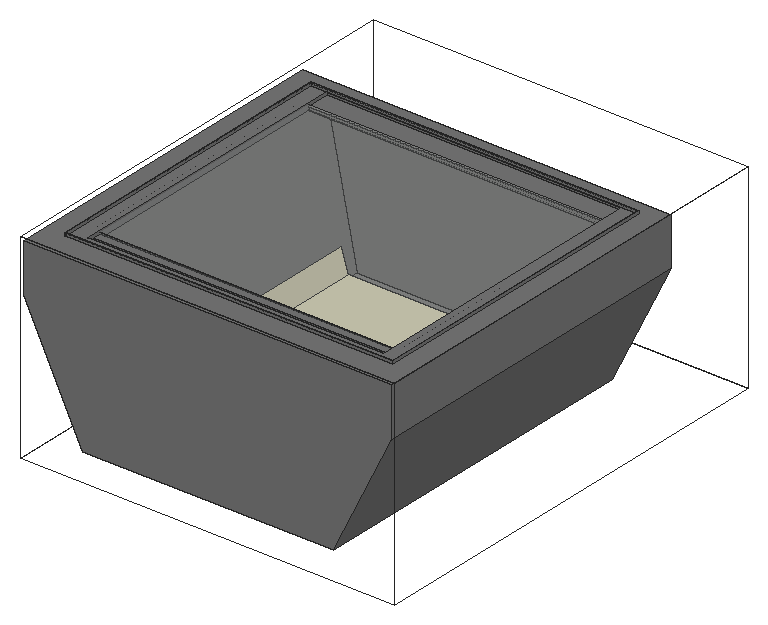
Revit family "Fireplace-Gas-Regency-Grandview_800EC", category Mechanical Equipment, host Face, Revit 2026
Family settings
  Host = Face
  Round Connector Dimension = Use Diameter
  Part Type = Normal
  Classification Number = 23.40.20.34.14
  Cut with Voids When Loaded = Yes
  Maintain Annotation Orientation = No
  Shared = No
  Room Calculation Point = No
Parameters (values of type "Clean Front - LP")
  Width = 2' - 11 7/8"  # constant formula
  Warranty URL = "https://www.regency-fire.com/en/Customer-Care/Lifetime-Warranty"
  Voltage = 0 V
  Video Link = "https://www.youtube.com/channel/UCN9QYb9SE_CXhxG_SYRAdrw"
  Version = "2018 - v1.0a"  # constant formula
  Venting Note [instance] = "Unit can be installed either top vent or rear vent"  # constant formula
  Vent Type [instance] = "Direct Vent"  # constant formula
  URL = "https://www.regency-fire.com/en/default.aspx"
  Support Phone = "(224) 699-9545"  # constant formula
  Support Email = "mailto:support@anguleris.com"
  Supply Air Connection Diameter = 6 5/8"  # constant formula
  Room Size = "Medium"  # constant formula
  Product Size = "Medium"  # constant formula
  Product Page URL = "https://www.regency-fire.com/en/Products/Gas/Traditional-Gas-Fireplaces/G800EC"
  Product Name = "Regency® Grandview™ G800EC Gas Fireplace"  # constant formula
  Product Documentation Link = "https://assets.regency-fire.com/getattachment/a1508370-155b-498d-9b31-6fe43e8f6947/G800EC-English-Manual.aspx"
  Power Factor = 0
  Phase = 1
  Performance URL = "https://www.regency-fire.com/en/Professionals/Specification-Matrices"
  Inner Panel Finish [instance] = Brick - Panel - Regency - Traditional
  Number of Poles = 1
  Inner - Metallic Black Non-Reflective [instance] = no
  Inner - Enamel Black Reflective [instance] = no
  Inner - Brick Volcanic Black [instance] = no
  Inner - Brick Grey Castlestone [instance] = no
  Frequency = 0 Hz
  Fire Bed Options [instance] = if(and([Fire Bed - Birch Ceramic Log Set], [Fire Bed - Black Coal Crushed Glass]), "Please Select ONE Option", if(and([Fire Bed - Birch Ceramic Log Set], [Fire Bed - Ginger Crushed Glass]), "Please Select ONE Option", if(and([Fire Bed - Birch Ceramic Log Set], [Fire Bed - Iceberg Crushed Glass]), "Please Select ONE Option", if(and([Fire Bed - Birch Ceramic Log Set], [Fire Bed - Oak Ceramic Log Set]), "Please Select ONE Option", if(and([Fire Bed - Black Coal Crushed Glass], [Fire Bed - Ginger Crushed Glass]), "Please Select ONE Option", if(and([Fire Bed - Black Coal Crushed Glass], [Fire Bed - Iceberg Crushed Glass]), "Please Select ONE Option", if(and([Fire Bed - Black Coal Crushed Glass], [Fire Bed - Oak Ceramic Log Set]), "Please Select ONE Option", if(and([Fire Bed - Ginger Crushed Glass], [Fire Bed - Iceberg Crushed Glass]), "Please Select ONE Option", if(and([Fire Bed - Ginger Crushed Glass], [Fire Bed - Oak Ceramic Log Set]), "Please Select ONE Option", if(and([Fire Bed - Iceberg Crushed Glass], [Fire Bed - Oak Ceramic Log Set]), "Please Select ONE Option", if([Fire Bed - Birch Ceramic Log Set], "Birch Ceramic Log Set", if([Fire Bed - Black Coal Crushed Glass], "Black Coal Crushed Glass", if([Fire Bed - Ginger Crushed Glass], "Ginger Crushed Glass", if([Fire Bed - Iceberg Crushed Glass], "Iceberg Crushed Glass", if([Fire Bed - Oak Ceramic Log Set], "Oak Ceramic Log Set", "Please Select Fire Bed Option - REQUIRED")))))))))))))))  # "Please Select Fire Bed Option - REQUIRED"
  Fire Bed - Oak Ceramic Log Set [instance] = no
  Fire Bed - Iceberg Crushed Glass [instance] = no
  Fire Bed - Ginger Crushed Glass [instance] = no
  Fire Bed - Black Coal Crushed Glass [instance] = no
  Fire Bed - Birch Ceramic Log Set [instance] = no
  Finish Note [instance] = "Please select Finish for Panel and Face Plate once selection is made for rendering purposes"  # constant formula
  Face Plate Finish [instance] = Metal - Regency - Brushed Nickel
  Face Plate [instance] = no
  Clearances Note [instance] = "This unit has clearances to combustibles please refer to the manual to observe all clearances to combustible material."  # constant formula
  CC Width [instance] = if(or(Constraints = 2, Constraints = 22), 2' 4 3/4", 2' 7 7/8")  # 2' - 4 3/4"
  CC Height [instance] = if(or(Constraints = 2, Constraints = 22), 2' 2 3/4", 2' 5 7/8")  # 2' - 2 3/4"
  C Opening Width = 3' - 5"  # constant formula
  C Opening Height = 2' - 7 9/16"  # constant formula
  Glass Viewing Width = 3' - 0"  # constant formula
  Glass Viewing Height = 2' - 10"  # constant formula
  Front Inset [instance] = 0' - 0"
  Model = if(or(Constraints = 2, Constraints = 1, Constraints = 3), "G800EC-LP", "G800EC-NG")  # "G800EC-LP"
  Minimum BTU = if(or(Constraints = 2, Constraints = 1, Constraints = 3), 21000.0 Btu/h, 15000.0 Btu/h)  # 21000.0 Btu/h
  Maximum BTU = if(or(Constraints = 2, Constraints = 1, Constraints = 3), 25500.0 Btu/h, 27000.0 Btu/h)  # 25500.0 Btu/h
  Material = "Painted Stainless Steel"  # constant formula
  Manufacturer Phone Number = "604-946-5155"  # constant formula
  Manufacturer Fax Number = "604-946-4349"  # constant formula
  Manufacturer Email = "mailto:prohelp@regency-fire.com"
  Manufacturer Address = "6988 Venture Street, Delta British Columbia, Canada V4G 1H4"  # constant formula
  Manufacturer = "Regency Fireplace Products"  # constant formula
  Keynote = "10300"
  Installation and Service URL = "https://www.regency-fire.com/en/Customer-Care/Fireplace-Care-Videos"
  Inner - Brick Rustic Brown Standard [instance] = no
  Inner - Brick Rustic Brown Herringbone [instance] = no
  Inner Panels [instance] = if(and([Inner - Brick Rustic Brown Herringbone], [Inner - Brick Rustic Brown Standard]), "Please Select ONE Option", if(and([Inner - Brick Rustic Brown Herringbone], [Inner - Metallic Black Non-Reflective]), "Please Select ONE Option", if(and([Inner - Brick Rustic Brown Herringbone], [Inner - Enamel Black Reflective]), "Please Select ONE Option", if(and([Inner - Brick Rustic Brown Herringbone], [Inner - Brick Volcanic Black]), "Please Select ONE Option", if(and([Inner - Brick Rustic Brown Herringbone], [Inner - Brick Grey Castlestone]), "Please Select ONE Option", if(and([Inner - Brick Rustic Brown Standard], [Inner - Metallic Black Non-Reflective]), "Please Select ONE Option", if(and([Inner - Brick Rustic Brown Standard], [Inner - Enamel Black Reflective]), "Please Select ONE Option", if(and([Inner - Brick Rustic Brown Standard], [Inner - Brick Volcanic Black]), "Please Select ONE Option", if(and([Inner - Brick Rustic Brown Standard], [Inner - Brick Grey Castlestone]), "Please Select ONE Option", if(and([Inner - Metallic Black Non-Reflective], [Inner - Enamel Black Reflective]), "Please Select ONE Option", if(and([Inner - Metallic Black Non-Reflective], [Inner - Brick Volcanic Black]), "Please Select ONE Option", if(and([Inner - Metallic Black Non-Reflective], [Inner - Brick Grey Castlestone]), "Please Select ONE Option", if(and([Inner - Enamel Black Reflective], [Inner - Brick Volcanic Black]), "Please Select ONE Option", if(and([Inner - Enamel Black Reflective], [Inner - Brick Grey Castlestone]), "Please Select ONE Option", if(and([Inner - Brick Volcanic Black], [Inner - Brick Grey Castlestone]), "Please Select ONE Option", if([Inner - Brick Rustic Brown Herringbone], "Brick Panel – Rustic Brown Herringbone", if([Inner - Brick Rustic Brown Standard], "Brick Panel – Rustic Brown Standard", if([Inner - Metallic Black Non-Reflective], "Metallic Black Non-Reflective Panels", if([Inner - Enamel Black Reflective], "Enamel Black Reflective Panels", if([Inner - Brick Volcanic Black], "Brick Panel – Grey Castlestone", if([Inner - Brick Grey Castlestone], "Brick Panel – Volcanic Black", "Please Select Fire Bed Option - REQUIRED")))))))))))))))))))))  # "Please Select Fire Bed Option - REQUIRED"
  Height = 3' - 0 3/8"  # constant formula
  Framing Width [instance] = if(or(Constraints = 1, Constraints = 11), 3' 1 1/2", 3' 0 1/2")  # 3' - 0 1/2"
  Framing Note [instance] = "Important: Framing height requires consideration of the hearth depth. Dimension N = N + the thickness of the installed hearth."  # constant formula
  Framing Height [instance] = 3' - 7"  # constant formula
  Framing Depth [instance] = if(or(Constraints = 2, Constraints = 22), 1' 4 7/8", 1' 7 1/4")  # 1' - 4 7/8"
  Framing Clearance Visibility [instance] = yes
  Finish = Metal - Regency - Steel - Paint, Black Metallic
  Exhaust Air Connection Diameter = 4"  # constant formula
  EnerGuide Rating = if(or(Constraints = 2, Constraints = 1, Constraints = 3), "57.74%", "53.58%")  # "57.74%"
  Efficiency = if(or(Constraints = 2, Constraints = 1, Constraints = 3), "68.16%", "65.20%")  # "68.16%"
  Description = "G800EC Gas Fireplace"  # constant formula
  Depth = 1' - 6 7/8"  # constant formula
  Default Elevation = 0' - 0"
  Copyright = "© 2020 FPI Fireplace Products International Ltd. All rights reserved."  # constant formula
  Constraints = 2
  C Offset [instance] = if(Front Inset < 0' 0 1/2", 0' 0 1/2", if(Front Inset > 0' 5 1/8", 0' 5 1/8", Front Inset + 0' 0 1/2"))  # 0' - 0 1/2"
  C Framing Clearance - 3.5 Inset [instance] = if(not(Framing Clearance Visibility), 1 = 0, if(C Offset < 0' 3 1/2", 1 = 1, 1 = 0))  # yes
  C Framing Clearance + 3.5" Inset [instance] = if(not(Framing Clearance Visibility), 1 = 0, 1 = 0)  # no
  C Face Plate [instance] = if(and(Face Plate, or(Constraints = 3, Constraints = 33)), 1 = 1, 1 = 0)  # no
  C Cool Wall [instance] = if(and(Framing Clearance Visibility, or(Constraints = 1, Constraints = 11)), 1 = 1, 1 = 0)  # no
  C Connector Depth = 1' - 7 1/2"  # constant formula
  Assembly Code = "D3020"
  Apparent Load = 0 VA
Types (7): name | CC Width | CC Height | Model | Minimum BTU | Maximum BTU | Framing Width | Framing Depth | EnerGuide Rating | Efficiency | Constraints | C Cool Wall
  (no name) | 2' - 4 3/4" | 2' - 2 3/4" | "G800EC-LP" | 21000.0 Btu/h | 25500.0 Btu/h | 3' - 0 1/2" | 1' - 4 7/8" | "57.74%" | "68.16%" | 2 | no
  Cool Wall - LP | 2' - 7 7/8" | 2' - 5 7/8" | "G800EC-LP" | 21000.0 Btu/h | 25500.0 Btu/h | 3' - 1 1/2" | 1' - 7 1/4" | "57.74%" | "68.16%" | 1 | yes
  Clean Front - LP | 2' - 4 3/4" | 2' - 2 3/4" | "G800EC-LP" | 21000.0 Btu/h | 25500.0 Btu/h | 3' - 0 1/2" | 1' - 4 7/8" | "57.74%" | "68.16%" | 2 | no
  Outside Finish - LP | 2' - 7 7/8" | 2' - 5 7/8" | "G800EC-LP" | 21000.0 Btu/h | 25500.0 Btu/h | 3' - 0 1/2" | 1' - 7 1/4" | "57.74%" | "68.16%" | 3 | no
  Cool Wall - NG | 2' - 7 7/8" | 2' - 5 7/8" | "G800EC-NG" | 15000.0 Btu/h | 27000.0 Btu/h | 3' - 1 1/2" | 1' - 7 1/4" | "53.58%" | "65.20%" | 11 | yes
  Clean Front - NG | 2' - 4 3/4" | 2' - 2 3/4" | "G800EC-NG" | 15000.0 Btu/h | 27000.0 Btu/h | 3' - 0 1/2" | 1' - 4 7/8" | "53.58%" | "65.20%" | 22 | no
  Outside Finish - NG | 2' - 7 7/8" | 2' - 5 7/8" | "G800EC-NG" | 15000.0 Btu/h | 27000.0 Btu/h | 3' - 0 1/2" | 1' - 7 1/4" | "53.58%" | "65.20%" | 33 | no
Reference planes (in)
  plane 1 "Center (Front/Back)": y = -4.9936
  plane 2: z = 0
  plane 3 "Center (Left/Right)": x = 0
  plane 4 "Left": x = -17.885
  plane 5 "Right": x = 17.885
  plane 6: y = 10.4439
  plane 7: y = -20.4311
  plane 8 "Back": z = -19.375
  plane 9 "OFFSET": z = -0.5
  plane 10: z = -16.65433
  plane 11: y = -22.0161
  plane 12: y = 11.89003
  plane 13: x = -11.72013
  plane 14: x = 11.72013
  plane 15 "Connector Vent": z = -20
  plane 16: x = -9.72014
  plane 17: x = 9.72014
  plane 18: z = -1.5272
  plane 19: y = -20.1411
  plane 20: x = 16.4375
  plane 21: z = -3.8125
  plane 22: z = -9.6875
  plane 23: z = -11.75
  plane 24: y = 6.87987
  plane 25: z = -7.5
  plane 26: x = -18.25
  plane 27: x = 18.25
  plane 28 "Vent": y = 21.9839
Forms (in)
  Extrusion 1, void
    sketch origin (0, 0, 0) x (0, 1, 0) y (0, 0, 1)
      loop
        line (11.89003, -16.65433) -> (11.89003, -0.5) -> (-22.0161, -0.5) -> (-22.0161, -16.65433) -> (11.89003, -16.65433)
    from -17.885 to 17.885
  Extrusion 2, void
    sketch origin (0, 0, 0) x (0, 1, 0) y (0, 0, 1)
      loop
        line (14.48183, -0.5) -> (-22.0161, -0.5) -> (-22.0161, -19.375) -> (14.48183, -19.375) -> (14.48183, -0.5)
    from -17.885 to 17.885
  Revolve 3, solid, material "Metal - Regency - Steel - Paint, Black Metallic"
    sketch origin (52.87642, 0, -11.75) x (1, 0, 0) y (0, 1, 0)
      loop
        line (-52.87642, 14.35887) -> (-54.76242, 14.35887) -> (-54.76242, 13.12445) -> (-56.26242, 13.12445) -> (-56.26242, 11.89003) -> (-52.87642, 11.89003) -> (-52.87642, 14.35887)
      axis (-52.87642, 14.35887) -> (-52.87642, 11.89003)
    angle from 0 to 360
  Extrusion 4, solid, material "Clearances - Regency", visible <- "Framing Clearance Visibility"
    sketch origin (-0.25398, 0.3337, 0) x (1, 0, 0) y (0, 1, 0)
      loop
        line (-17.99602, 20.6502) -> (-17.99602, -22.3498) -> (18.50398, -22.3498) -> (18.50398, 20.6502) -> (-17.99602, 20.6502)
    from -19.375 to 0
  Extrusion 5, solid, material "Metal - Regency - Steel - Paint, Black Metallic" <- "Finish"
    sketch origin (0, -4.9936, 0) x (1, 0, 0) y (0, 0, 1)
      loop
        line (17.97013, -4.98025) -> (17.97013, -0.254) -> (-17.885, -0.254) -> (-17.885, -4.9606) -> (-12.18159, -16.65433) -> (12.27631, -16.65433) -> (17.97013, -4.98025)
    from -16.88363 to 17.0225
  Extrusion 6, solid, material "Brick - Panel - Regency - Traditional" <- "Inner Panel Finish"
    sketch origin (0, -4.9936, 0) x (1, 0, 0) y (0, 0, 1)
      loop
        line (-15.50728, -0.91895) -> (-15.77377, -0.91895) -> (-11.43846, -15.01492) -> (-11.17197, -15.01492) -> (-15.50728, -0.91895)
      loop
        line (15.50728, -0.91895) -> (11.17197, -15.01492) -> (11.43846, -15.01492) -> (15.77377, -0.91895) -> (15.50728, -0.91895)
    from -14.1454 to 13.5939
  Extrusion 7, solid, material "Brick - Panel - Regency - Traditional" <- "Inner Panel Finish"
    sketch origin (118.04262, 36.03896, -34.9613) x (0, 1, 0) y (-1, 0, 0)
      loop
        line (-26.88715, 129.45405) -> (-54.62645, 129.45405) -> (-54.62645, 106.54262) -> (-26.88715, 106.54262) -> (-26.88715, 129.45405)
    from 19.94639 to 20.3988
  Revolve 8, solid, material "Metal - Regency - Steel - Paint, Black Metallic" <- "Finish"
    sketch origin (0, 0, 0) x (0, 1, 0) y (0, 0, 1)
      loop
        line (6.87987, -19.15343) -> (8.85837, -19.15343) -> (8.85837, -17.8054) -> (10.2659, -17.8054) -> (10.2659, -16.65433) -> (6.87987, -16.65433) -> (6.87987, -19.15343)
      axis (6.87987, -16.65433) -> (6.87987, -19.15343)
    angle from 0 to 360
  Extrusion 9, solid, material "Glass - Regency - Tempered - Clear"
    sketch origin (0, 0.55954, -34.00649) x (0, 1, 0) y (-1, 0, 0)
      loop
        line (7.6454, -14.6875) -> (7.6454, 14.6875)
        arc (7.6454, 14.6875) -> (7.57218, 14.86428) -> (7.3954, 14.9375) r 0.25
        line (7.3954, 14.9375) -> (-17.6061, 14.9375)
        arc (-17.6061, 14.9375) -> (-17.78288, 14.86428) -> (-17.8561, 14.6875) r 0.25
        line (-17.8561, 14.6875) -> (-17.8561, -14.6875)
        arc (-17.8561, -14.6875) -> (-17.78288, -14.86428) -> (-17.6061, -14.9375) r 0.25
        line (-17.6061, -14.9375) -> (7.3954, -14.9375)
        arc (7.3954, -14.9375) -> (7.57218, -14.86428) -> (7.6454, -14.6875) r 0.25
    from 33.22458 to 33.64245
  Extrusion 10, solid, material "Metal - Regency - Steel - Paint, Black Metallic" <- "Finish"
    sketch origin (0, 0.55954, -34.00649) x (0, 1, 0) y (-1, 0, 0)
      loop
        line (7.6454, -14.6875) -> (7.6454, 14.6875)
        arc (7.6454, 14.6875) -> (7.57218, 14.86428) -> (7.3954, 14.9375) r 0.25
        line (7.3954, 14.9375) -> (-17.6061, 14.9375)
        arc (-17.6061, 14.9375) -> (-17.78288, 14.86428) -> (-17.8561, 14.6875) r 0.25
        line (-17.8561, 14.6875) -> (-17.8561, -14.6875)
        arc (-17.8561, -14.6875) -> (-17.78288, -14.86428) -> (-17.6061, -14.9375) r 0.25
        line (-17.6061, -14.9375) -> (7.3954, -14.9375)
        arc (7.3954, -14.9375) -> (7.57218, -14.86428) -> (7.6454, -14.6875) r 0.25
      loop
        line (-18.58749, 16.16323) -> (-18.58749, -16.16825) -> (9.88436, -16.16825) -> (9.88436, 16.16323) -> (-18.58749, 16.16323)
    from 33.08754 to 33.50649
  Sweep 11, solid, material "Metal - Regency - Steel - Paint, Black Metallic" <- "Finish"
    path origin (0, 0, 0) x (1, 0, 0) y (0, 1, 0)
      loop
        line (15.9375, 10.4439) -> (-15.9375, 10.4439) -> (-15.9375, -19.37349) -> (15.9375, -19.37349) -> (15.9375, 10.4439)
    profile origin (0, 10.4439, 0) x (0, -1, 0) y (0, 0, 1)
      loop
        line (0, 0) -> (-0.036, 0) -> (-0.036, -0.254) -> (0, -0.254) -> (0, 0)
  Extrusion 12, void
    sketch origin (0, -4.9936, 0) x (1, 0, 0) y (0, 0, 1)
      loop
        line (11.43846, -15.01492) -> (14.375, -0.91495) -> (14.375, 1.43553) -> (-14.375, 1.43553) -> (-14.375, -0.91495) -> (-11.43846, -15.01492) -> (11.43846, -15.01492)
    from -15.4375 to 13.5939
  Extrusion 13, solid, material "Metal - Regency - Steel - Paint, Black Metallic" <- "Finish"
    sketch origin (0, 0, -18.32978) x (0, 1, 0) y (-1, 0, 0)
      loop
        line (-18.58749, 16.386) -> (-19.37349, 16.386) -> (-19.37349, -16.28125) -> (-18.58749, -16.28125) -> (-18.58749, 16.386)
    from 18.07578 to 11.01328
  Extrusion 14, solid, material "Brick - Panel - Regency - Traditional" <- "Inner Panel Finish", not visible
    sketch origin (0, -4.9936, 0) x (1, 0, 0) y (0, 0, 1)
      loop
        line (15.32021, -1.5272) -> (-15.32021, -1.5272) -> (-11.31112, -14.5625) -> (11.31112, -14.5625) -> (15.32021, -1.5272)
    from 12.67391 to 13.5939
  Extrusion 15, solid, material "Metal - Regency - Brushed Nickel" <- "Face Plate Finish", visible <- "C Face Plate"
    sketch origin (0, 0, -18.32978) x (0, 1, 0) y (-1, 0, 0)
      loop
        line (12.5064, 19.375) -> (-22.3686, 19.375) -> (-22.3686, -18.375) -> (12.5064, -18.375) -> (12.5064, 19.375)
      loop
        line (10.4439, 16.375) -> (-20.4311, 16.375) -> (-20.4311, -16.375) -> (10.4439, -16.375) -> (10.4439, 16.375)
    from 18.07578 to 18.57978
  Extrusion 16, void
    sketch origin (0, 0, -18.32978) x (0, 1, 0) y (-1, 0, 0)
      loop
        line (10.4439, 14.375) -> (-16.3061, 14.375) -> (-16.3061, -14.375) -> (10.4439, -14.375) -> (10.4439, 14.375)
    from 17.41483 to 19.79857
  Extrusion 17, solid, material "Clearances - Regency", not visible
    sketch origin (0, 0, 0) x (0, 1, 0) y (0, 0, 1)
      loop
        circle (-20.7661, -7.835) r 1
    from -14.61744 to -16.75873
  Extrusion 18, solid, material "Clearances - Regency", not visible
    sketch origin (0, 0, 0) x (0, 1, 0) y (0, 0, -1)
      loop
        circle (-20.4311, 7.5) r 1
    from -16.16825 to -16.95475
  Extrusion 19, solid, material "Clearances - Regency", visible <- "C Cool Wall"
    sketch origin (-0.01381, 0.625, 0.5) x (0, 1, 0) y (0, 0, 1)
      loop
        line (15.3589, -0.5) -> (15.3589, -2) -> (18.8589, -2) -> (18.8589, -4) -> (20.3589, -4) -> (20.3589, -0.5) -> (18.8589, -0.5) -> (15.3589, -0.5)
    from -18.23619 to 18.26381
  Extrusion 20, solid, material "Clearances - Regency", visible <- "C Cool Wall"
    sketch origin (1.95394, 0.625, 0.5) x (0, 1, 0) y (0, 0, -1)
      loop
        line (15.3589, 0.5) -> (18.8589, 0.5) -> (20.3589, 0.5) -> (20.3589, 4) -> (18.8589, 4) -> (18.8589, 2) -> (15.3589, 2) -> (15.3589, 0.5)
    from -16.29606 to 20.20394
  Sweep 21, solid, material "Clearances - Regency", visible <- "C Cool Wall"
    path origin (0, 0, 0) x (0, 1, 0) y (0, 0, 1)
      loop
        line (21.9839, -20.875) -> (21.9839, -16.52855)
        arc (21.9839, -16.52855) -> (20.63921, -13.28219) -> (17.39285, -11.9375) r 4.59105
        line (17.39285, -11.9375) -> (15.1089, -11.9375)
    profile origin (0, 16.25088, -11.9375) x (0, 0, -1) y (1, 0, 0)
      loop
        circle (0, 0) r 3.3125
Cuts and joins
  Extrusion 12 cuts Extrusion 5
  joined: Extrusion 5, Revolve 8, Extrusion 13
Lines and regions (in)
  model lines, style "Clearance", visible <- "Framing Clearance Visibility"
    curve 1: line (-18.25, -22.0161, 0) -> (18.25, -22.0161, 0)
    curve 2: line (18.25, -22.0161, -19.375) -> (-18.25, -22.0161, -19.375)
    curve 3: line (18.25, 20.9839, 0) -> (-18.25, 20.9839, 0)
    curve 4: line (18.25, -22.0161, 0) -> (18.25, -22.0161, -19.375)
    curve 5: line (-18.25, 20.9839, 0) -> (-18.25, 20.9839, -19.375)
    curve 6: line (-18.25, -22.0161, 0) -> (-18.25, -22.0161, -19.4375)
    curve 7: line (-18.25, -22.0161, 0) -> (-18.25, 20.9839, 0)
    curve 8: line (18.25, -22.0161, 0) -> (18.25, 20.9839, 0)
    curve 9: line (18.25, -22.0161, -19.375) -> (18.25, 20.9839, -19.375)
    curve 10: line (-18.25, -22.0161, -19.375) -> (-18.25, 19.98197, -19.375)
    curve 11: line (18.25, 20.9839, -19.375) -> (-18.25, 20.9839, -19.375)
    curve 12: line (18.25, 20.9839, 0) -> (18.25, 20.9839, -19.375)
  symbolic lines
    curve 13: line (-18, 27.83737, -18.32978) -> (18, 27.83737, -18.32978)
    curve 14: line (-17.9375, 35.78035, -18.32978) -> (17.9375, 35.78035, -18.32978)
    curve 15: line (-18.375, 37.4776, -18.32978) -> (18.375, 37.4776, -18.32978)
  model lines, style "Clearance", visible <- "C Cool Wall"
    curve 16: line (18.25, 15.9839, 0) -> (18.25, 20.9839, 0)
    curve 17: line (18.25, 20.9839, 0) -> (18.25, 20.9839, -3.5)
    curve 18: line (18.25, 20.9839, -3.5) -> (18.25, 19.4839, -3.5)
    curve 19: line (18.25, 19.4839, -3.5) -> (18.25, 19.4839, -1.5)
    curve 20: line (18.25, 19.4839, -1.5) -> (18.25, 15.9839, -1.5)
    curve 21: line (18.25, 19.4839, -1.5) -> (18.25, 19.4839, 0)
    curve 22: line (18.25, 19.4839, 0) -> (18.25, 15.9839, -1.5)
    curve 23: line (18.25, 15.9839, 0) -> (18.25, 19.4839, -1.5)
    curve 24: line (18.25, 19.4839, -3.5) -> (18.25, 20.9839, 0)
    curve 25: line (18.25, 19.4839, 0) -> (18.25, 20.9839, -3.5)
    curve 26: line (18.25, 19.4839, 0) -> (-18.25, 19.4839, 0)
    curve 27: line (-18.25, 19.4839, -1.5) -> (-18.25, 19.4839, 0)
    curve 28: line (-18.25, 19.4839, 0) -> (-18.25, 19.4839, -3.5)
    curve 29: line (-18.25, 19.4839, -3.5) -> (-18.25, 20.9839, 0)
    curve 30: line (-18.25, 20.9839, -3.5) -> (-18.25, 19.4839, 0)
    curve 31: line (-18.25, 19.4839, 0) -> (-18.25, 15.9839, -1.5)
    curve 32: line (-18.25, 19.4839, -1.5) -> (-18.25, 15.9839, 0)
    curve 33: line (-18.25, 15.9839, 0) -> (-18.25, 20.7764, 0)
    curve 34: line (-18.25, 20.9839, 0) -> (-18.25, 20.9839, -3.5)
    curve 35: line (-18.25, 20.9839, -3.5) -> (-18.25, 19.4839, -3.5)
    curve 36: line (-18.25, 19.4839, -3.5) -> (-18.25, 19.4839, -1.5)
    curve 37: line (-18.25, 19.4839, -1.5) -> (-18.25, 15.9839, -1.5)
    curve 38: line (-18.25, 19.4839, -1.5) -> (-18.25, 19.4839, 0)
    curve 39: line (-18.25, 19.4839, 0) -> (-18.25, 15.9839, -1.5)
    curve 40: line (-18.25, 15.9839, 0) -> (-18.25, 19.4839, -1.5)
    curve 41: line (-18.25, 19.4839, -3.5) -> (-18.25, 20.9839, 0)
    curve 42: line (-18.25, 19.4839, 0) -> (-18.25, 20.9839, -3.5)
    curve 43: line (-18.25, 19.4839, 0) -> (18.25, 19.4839, 0)
    curve 44: line (18.25, 19.4839, -1.5) -> (18.25, 19.4839, 0)
    curve 45: line (18.25, 19.4839, 0) -> (18.25, 19.4839, -3.5)
    curve 46: line (18.25, 19.4839, -3.5) -> (18.25, 20.9839, 0)
    curve 47: line (18.25, 20.9839, -3.5) -> (18.25, 19.4839, 0)
    curve 48: line (18.25, 19.4839, 0) -> (18.25, 15.9839, -1.5)
    curve 49: line (18.25, 19.4839, -1.5) -> (18.25, 15.9839, 0)
Dimensions and locks (in)
  equal spacing: plane 6, plane 1 "Center (Front/Back)", plane 7
  equal spacing: plane 4 "Left", plane 3 "Center (Left/Right)", plane 5 "Right"
  "C Offset": plane 2 to plane 9 "OFFSET"
  locked: plane 9 "OFFSET" to plane 8 "Back" at 18.875
  locked: plane 10 to plane 8 "Back" at 2.72067
  locked: plane 12 to plane 11 at 33.90613
  equal spacing: plane 13, plane 3 "Center (Left/Right)", plane 14
  plane 13 to plane 14 = 1' - 11.44027"
  locked: plane 9 "OFFSET" to plane 15 "Connector Vent" at 19.5
  locked: plane 13 to plane 16 at 2
  locked: plane 14 to plane 17 at 2
  plane 2 to plane 18 = 0' - 1.5272"
  locked: plane 9 "OFFSET" to plane 21 at 3.3125
  locked: plane 9 "OFFSET" to plane 18 at 1.0272
  equal spacing: Extrusion 4 sketch curve, plane 3 "Center (Left/Right)", Extrusion 4 sketch curve
  "Framing Height": Extrusion 4 sketch curve to plane 11
  locked: Extrusion 4 to plane 9 "OFFSET" at 0.5
  "Framing Width": Extrusion 4 sketch curve to Extrusion 4 sketch curve
  plane 9 "OFFSET" to Extrusion 4 = 1' - 6 7/8"
  locked: plane 7 to plane 11 at 1.585
  locked: plane 6 to plane 7 at 30.875
  equal spacing: level, plane 22, plane 8 "Back"
  Extrusion 7 to plane 21 = 0' - 10 3/4"
  Extrusion 7 to plane 3 "Center (Left/Right)" to Extrusion 7 = 0' - 11 1/2" locked, 0' - 11.41143"
  Extrusion 6 sketch curve to Extrusion 6 sketch curve to plane 18 to Extrusion 6 sketch curve to Extrusion 6 sketch curve = 0' - 0" locked, 1' - 1.48772", 0' - 0.60825", 0' - 0" locked  (x2)
  plane 23 to plane 9 "OFFSET" = 0' - 11 1/4"
  locked: plane 12 to plane 24 at 5.01016
  Revolve 8 sketch curve to Revolve 8 sketch curve to Revolve 8 sketch curve to plane 24 to Revolve 8 sketch curve = 0' - 1.40753" locked, 0' - 0" locked, 0' - 1.9785" locked, 0' - 0" locked
  Revolve 8 sketch curve to Revolve 8 sketch curve to Revolve 8 sketch curve to plane 15 "Connector Vent" = 0' - 1.15107" locked, 0' - 1.34803" locked, 0' - 0.84657" locked
  Extrusion 15 to Sweep 11 to Extrusion 15 to Sweep 11 to Extrusion 9 to Extrusion 10 to plane 9 "OFFSET" to Extrusion 9 to Extrusion 10 = 0' - 0 1/4", 0' - 0.254" locked, 0' - 0" locked, 0' - 0.11004" locked, 0' - 0.13596" locked, 0' - 0" locked, 0' - 0.28191" locked, 0' - 0.13705" locked
  Sweep 11 to Sweep 11 = 2' - 7 7/8"
  equal spacing: Extrusion 16 sketch curve, plane 3 "Center (Left/Right)", Extrusion 16 sketch curve
  "CC Width": Extrusion 16 sketch curve to Extrusion 16 sketch curve
  "CC Height": Extrusion 16 sketch curve to Extrusion 16 sketch curve
  Extrusion 16 to plane 9 "OFFSET" to Extrusion 16 = 0' - 1.96879" locked, 0' - 0.41495" locked
  equal spacing: Extrusion 12 sketch curve, plane 3 "Center (Left/Right)", Extrusion 12 sketch curve
  "CC Width": Extrusion 12 sketch curve to Extrusion 12 sketch curve
  locked: Extrusion 15 to host face at 0.25
  equal spacing: plane 26, plane 3 "Center (Left/Right)", plane 27
  "Framing Width": plane 26 to plane 27
  plane 28 "Vent" to plane 11 = 3' - 8"
  locked: Extrusion 15 sketch curve to Extrusion 15 sketch curve at 37.75
  locked: Extrusion 15 sketch curve to Extrusion 15 sketch curve at 34.875
  Extrusion 15 sketch curve to plane 3 "Center (Left/Right)" to cut or joined group of Extrusion 5, Revolve 8, Extrusion 12, Extrusion 13 = 1' - 4 3/8" locked, 1' - 5.97013" locked
  Extrusion 15 sketch curve to plane 1 "Center (Front/Back)" to Sweep 11 = 1' - 3 7/16" locked, 1' - 3 7/16" locked
  "Supply Air Connection Diameter": diameter of Sweep 21 sketch curve
  aligned and locked: host face to plane 2
  aligned and locked: Extrusion 1 sketch curve to plane 10
  aligned and locked: plane 8 "Back" to Extrusion 2 sketch curve
  aligned and locked: plane 9 "OFFSET" to Extrusion 2 sketch curve
  aligned and locked: Extrusion 1 to plane 4 "Left"
  aligned and locked: plane 5 "Right" to Extrusion 1
  aligned and locked: Revolve 3 sketch curve to plane 3 "Center (Left/Right)"  (x2)
  aligned and locked: curve 10 to Extrusion 4
  aligned and locked: curve 9 to Extrusion 4
  aligned and locked: curve 1 to Extrusion 4
  aligned and locked: curve 8 to Extrusion 4
  aligned and locked: Extrusion 4 to curve 4  (x2)
  aligned and locked: curve 4 to Extrusion 4
  aligned and locked: Extrusion 4 to curve 11
  aligned and locked: curve 11 to Extrusion 4
  aligned and locked: Extrusion 4 to curve 5
  aligned and locked: curve 12 to Extrusion 4
  aligned and locked: plane 11 to Extrusion 4 sketch curve
  aligned and locked: Extrusion 4 to curve 6
  aligned and locked: Extrusion 6 to Extrusion 7  (x2)
  aligned and locked: curve 3 to Extrusion 4
  aligned and locked: Extrusion 4 to plane 8 "Back"
  aligned and locked: plane 24 to Revolve 8 sketch curve
  aligned and locked: Extrusion 1 sketch curve to plane 12
  aligned and locked: plane 11 to Extrusion 1 sketch curve
  aligned and locked: plane 11 to Extrusion 2 sketch curve
  aligned and locked: Extrusion 2 to plane 4 "Left"
  aligned and locked: plane 5 "Right" to Extrusion 2
  aligned and locked: Extrusion 5 sketch curve to Sweep 11
  aligned and locked: Extrusion 5 to Extrusion 13
  aligned and locked: plane 9 "OFFSET" to Extrusion 1 sketch curve
  aligned and locked: Extrusion 16 sketch curve to plane 6
  aligned and locked: plane 26 to Extrusion 20
  aligned and locked: plane 26 to Extrusion 19
  aligned and locked: Extrusion 20 to plane 27
  aligned and locked: Sweep 21 sketch curve to plane 28 "Vent"
  aligned and locked: Extrusion 19 to plane 27
Automatic sketch dimensions
  host sketch curve to host sketch curve = 14' - 2.25614"
  host sketch curve to host sketch curve = 10' - 0.2964"
  plane 12 to Extrusion 2 sketch curve = 0' - 2.5918"
  Revolve 3 sketch curve to plane 12 = 0' - 0"
  Revolve 3 sketch curve to plane 3 "Center (Left/Right)" = 0' - 1.886"
  Revolve 3 sketch curve to Revolve 3 sketch curve = 0' - 1 1/2"
  plane 12 to Revolve 3 sketch curve = 0' - 1.23442"
  Revolve 3 sketch curve to Revolve 3 sketch curve = 0' - 1.23442"
  Revolve 3 sketch curve to Revolve 3 sketch curve = 0' - 1.84387"
  Revolve 3 sketch curve to Revolve 3 sketch curve = 0' - 6.3784"
  Extrusion 4 to curve 1 = 0' - 0"
  curve 2 to Extrusion 4 = 0' - 0"
  Extrusion 4 to curve 11 = 0' - 0"
  Extrusion 4 to curve 10 = 0' - 1.00194"
  curve 5 to Extrusion 4 = 0' - 0"  (x2)
  curve 12 to Extrusion 4 = 0' - 0"  (x2)
  Extrusion 4 to curve 6 = 0' - 0"
  curve 6 to Extrusion 4 = 0' - 0 1/16"
  Extrusion 5 sketch curve to plane 4 "Left" = 0' - 0"
  Extrusion 5 sketch curve to plane 10 = 0' - 0"
  Extrusion 5 sketch curve to plane 13 = 0' - 0.46145"
  plane 14 to Extrusion 5 sketch curve = 0' - 0.55617"
  plane 5 "Right" to Extrusion 5 sketch curve = 0' - 0.08513"
  Extrusion 5 sketch curve to plane 21 = 0' - 1.16775"
  Extrusion 5 sketch curve to plane 21 = 0' - 1.1481"
  plane 4 "Left" to Extrusion 6 sketch curve = 0' - 2.11123"
  Extrusion 6 sketch curve to Extrusion 6 sketch curve = 0' - 0.26648"  (x4)
  plane 13 to Extrusion 6 sketch curve = 0' - 0.28168"
  Extrusion 6 sketch curve to plane 14 = 0' - 0.54816"
  Extrusion 6 sketch curve to plane 20 = 0' - 0.93022"
  plane 13 to Extrusion 7 sketch curve = 0' - 0.3087"
  plane 19 to Extrusion 7 sketch curve = 0' - 1.5536"
  Extrusion 7 sketch curve to plane 6 = 0' - 1.2921"
  Extrusion 7 sketch curve to plane 14 = 0' - 0.22013"
  Revolve 8 sketch curve to plane 15 "Connector Vent" = 0' - 3.2855"
  Revolve 8 sketch curve to Revolve 8 sketch curve = 0' - 0"
  plane 19 to Extrusion 9 sketch curve = 0' - 2.84454"
  Extrusion 9 sketch curve to Extrusion 9 sketch curve = 0' - 0 1/4"  (x3)
  Extrusion 9 sketch curve to plane 24 = 0' - 1.07507"  (x2)
  Extrusion 9 sketch curve to plane 20 = 0' - 1 1/2"
  Extrusion 9 sketch curve to plane 13 = 0' - 2.96737"
  Extrusion 10 sketch curve to plane 6 = 0' - 0"
  Extrusion 10 sketch curve to plane 24 = 0' - 1.32507"
  Extrusion 10 sketch curve to Extrusion 10 sketch curve = 0' - 0 1/4"  (x3)
  Extrusion 10 sketch curve to plane 20 = 0' - 1 3/4"
  plane 19 to Extrusion 10 sketch curve = 0' - 3.09454"  (x2)
  Extrusion 10 sketch curve to plane 20 = 0' - 0.26925"
  Extrusion 10 sketch curve to Extrusion 10 sketch curve = 0' - 0.9814"
  Extrusion 10 sketch curve to plane 13 = 0' - 2.96737"
  Extrusion 10 sketch curve to Extrusion 10 sketch curve = 0' - 1.22573"
  Sweep 11 sketch curve to plane 6 = 0' - 0"
  plane 19 to Sweep 11 sketch curve = 0' - 0.7676"
  Sweep 11 sketch curve to level = 0' - 0"
  Sweep 11 sketch curve to profile plane = 0' - 0"
  profile plane to Sweep 11 sketch curve = 0' - 0.036"
  Sweep 11 sketch curve to Sweep 11 sketch curve = 0' - 0.254"
  plane 13 to Extrusion 12 sketch curve = 0' - 0.28168"
  Extrusion 12 sketch curve to plane 14 = 0' - 0.28168"
  Extrusion 12 sketch curve to plane 10 = 0' - 1.63941"
  Extrusion 12 sketch curve to plane 9 "OFFSET" = 0' - 0.41495"  (x2)
  level to Extrusion 12 sketch curve = 0' - 1.43553"
  plane 19 to Extrusion 13 sketch curve = 0' - 0.7676"
  Extrusion 13 sketch curve to Extrusion 13 sketch curve = 0' - 0.786"
  Extrusion 13 sketch curve to plane 20 = 0' - 0 5/32"
  plane 4 "Left" to Extrusion 13 sketch curve = 0' - 1.499"
  Extrusion 14 sketch curve to plane 18 = 0' - 0"
  plane 4 "Left" to Extrusion 14 sketch curve = 0' - 2.56479"
  plane 13 to Extrusion 14 sketch curve = 0' - 0.40902"
  Extrusion 14 sketch curve to plane 14 = 0' - 0.40902"
  Extrusion 14 sketch curve to plane 20 = 0' - 1.11729"
  Extrusion 14 sketch curve to plane 10 = 0' - 2.09183"
  Extrusion 18 sketch curve to plane 7 = 0' - 0"
  plane 25 to Extrusion 18 sketch curve = 0' - 0"
  Extrusion 17 sketch curve to plane 7 = 0' - 0.335"
  plane 25 to Extrusion 17 sketch curve = 0' - 0.335"
  plane 4 "Left" to Sweep 11 sketch curve = 0' - 1.9475"
  Sweep 11 sketch curve to plane 20 = 0' - 0 1/2"
  Extrusion 19 sketch curve to level = 0' - 0"
  plane 12 to Extrusion 19 sketch curve = 0' - 4.09387"
  plane 18 to Extrusion 19 sketch curve = 0' - 0.0272"
  Extrusion 19 sketch curve to Extrusion 19 sketch curve = 0' - 3 1/2"
  Extrusion 19 sketch curve to Extrusion 19 sketch curve = 0' - 0"
  plane 21 to Extrusion 19 sketch curve = 0' - 0 5/16"
  Extrusion 19 sketch curve to Extrusion 19 sketch curve = 0' - 1 1/2"
  curve 16 to Extrusion 19 = 0' - 0"
  curve 20 to Extrusion 19 = 0' - 0"
  Extrusion 19 to curve 23 = 0' - 0"
  curve 23 to Extrusion 19 = 0' - 0"
  Extrusion 19 to curve 17 = 0' - 0"
  curve 26 to Extrusion 19 = 0' - 0"  (x3)
  curve 32 to Extrusion 19 = 0' - 0"  (x3)
  curve 31 to Extrusion 19 = 0' - 0"  (x2)
  curve 28 to Extrusion 19 = 0' - 0"  (x2)
  curve 30 to Extrusion 19 = 0' - 0"  (x2)
  Extrusion 19 to curve 29 = 0' - 0"
  curve 29 to Extrusion 19 = 0' - 0"
  Extrusion 20 sketch curve to level = 0' - 0"
  plane 12 to Extrusion 20 sketch curve = 0' - 4.09387"
  plane 18 to Extrusion 20 sketch curve = 0' - 0.0272"
  Extrusion 20 sketch curve to Extrusion 20 sketch curve = 0' - 3 1/2"
  Extrusion 20 sketch curve to Extrusion 20 sketch curve = 0' - 0"
  plane 21 to Extrusion 20 sketch curve = 0' - 0 5/16"
  Extrusion 20 sketch curve to Extrusion 20 sketch curve = 0' - 1 1/2"
  curve 43 to Extrusion 20 = 0' - 0"  (x3)
  Extrusion 20 to curve 49 = 0' - 0"
  curve 49 to Extrusion 20 = 0' - 0"  (x2)
  curve 48 to Extrusion 20 = 0' - 0"
  curve 45 to Extrusion 20 = 0' - 0"  (x2)
  curve 47 to Extrusion 20 = 0' - 0"  (x2)
  curve 46 to Extrusion 20 = 0' - 0"  (x2)
  curve 44 to Extrusion 20 = 0' - 0"
  curve 17 to Extrusion 19 = 0' - 0"
  Extrusion 20 to curve 33 = 0' - 0"
  curve 33 to Extrusion 20 = 0' - 0"
  Extrusion 20 to curve 37 = 0' - 0"
  curve 37 to Extrusion 20 = 0' - 0"
  curve 40 to Extrusion 20 = 0' - 0"
  curve 34 to Extrusion 20 = 0' - 0"  (x2)
  curve 33 to curve 34 = 0' - 0.2075"
  Sweep 21 sketch curve to profile plane = 0' - 0"  (x2)
  Sweep 21 sketch curve to plane 10 = 0' - 0.12578"
  Sweep 21 sketch curve to Sweep 21 sketch curve = 0' - 4.59105"
  Sweep 21 sketch curve to plane 15 "Connector Vent" = 0' - 0 7/8"
  Sweep 21 sketch curve to Sweep 21 sketch curve = 0' - 2.28395"
  Extrusion 15 sketch curve to plane 6 = 0' - 0"
  plane 27 to Extrusion 15 sketch curve = 0' - 0 1/8"
  Extrusion 15 sketch curve to plane 11 = 0' - 0.3525"
  Extrusion 15 sketch curve to plane 20 = 0' - 0 1/16"
  plane 27 to curve 15 = 0' - 0 1/8"
  plane 5 "Right" to curve 13 = 0' - 0.115"
  curve 13 to plane 28 "Vent" = 0' - 5.85347"
  plane 5 "Right" to curve 14 = 0' - 0.0525"
  curve 13 to curve 14 = 0' - 7.94297"
  curve 14 to curve 15 = 0' - 1.69725"
  curve 14 to plane 4 "Left" = 0' - 0.0525"
  curve 13 to plane 4 "Left" = 0' - 0.115"
  curve 15 to plane 26 = 0' - 0 1/8"
  radius of Extrusion 18 sketch curve = 0' - 1"
  radius of Extrusion 17 sketch curve = 0' - 1"
Connectors (in)
  hvac at (0, 14.35887, -11.75), driven by "Exhaust Air Connection Diameter", driven by "Vent Type"
    settings: on Revolve 3, index 1, duct flow 0 CFM, flow factor 0, pres drop 0.00 in-wg, loss coef 0, conn angle 0.00°, conn width 12", conn height 12", conn diameter 4", duct sys type 3, conn prof type 0, flow config 0, flow direction 2, loss method 0, conn ref index -1, conn util no, is conn primary yes, conn desc "Direct Vent"
  electrical at (16.95475, -20.4311, -7.5), driven by "Voltage", driven by "Number of Poles", driven by "Power Factor", driven by "Apparent Load"
    settings: on Extrusion 18, index 2, voltage 0 V, apparent load 0 VA, apparent load phase1 0 VA, apparent load phase2 0 VA, apparent load phase3 0 VA, power factor 0, load classification "Other", number of poles 1, system type 31, power factor state 1, is connector primary yes, connector utility no, sub classification motor no, connector description "Electrical Connector"
  piping at (-16.75873, -20.7661, -7.835), diameter 0.5
    settings: on Extrusion 17, index 3, connector inside diameter 24", connector length 0' - 0", flow factor 0, pipe flow 0 GPM, pressure drop 0.00 psi, fitting loss kfactor 0, connector angle 0.00°, fixture units 0, engagement length 0' - 0", angle of deflection 0.00°, flow configuration 0, flow direction 1, fitting loss method 0, system type 22, joint type 0, gender type 0, connector reference index -1, connector utility 0, adjustable connector no, is connector primary yes, connector description "Gas Supply"
  hvac at (0, 6.87987, -19.15343), driven by "Exhaust Air Connection Diameter"
    settings: on cut or joined group of Extrusion 5, Revolve 8, Extrusion 12, Extrusion 13, index 4, duct flow 0 CFM, flow factor 0, pres drop 0.00 in-wg, loss coef 0, conn angle 0.00°, conn width 12", conn height 12", conn diameter 4", duct sys type 1, conn prof type 0, flow config 0, flow direction 0, loss method 0, conn ref index -1, conn util no, is conn primary no, conn desc ""
